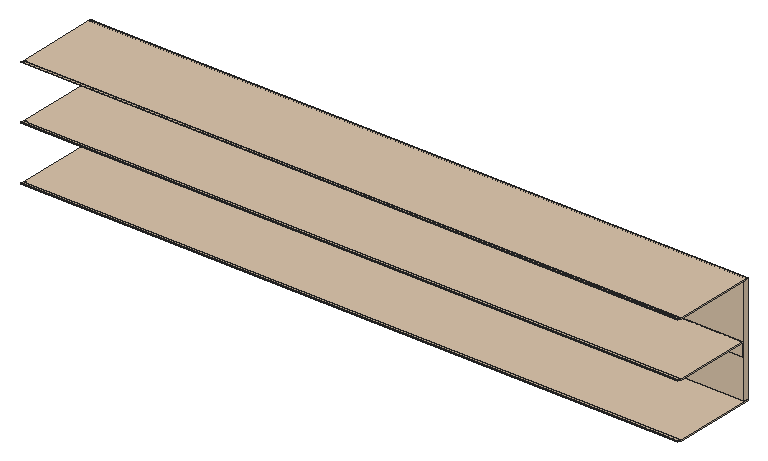
Revit family "Haworth_ActiveComponents_ShelfExternalMounted_NEW", category Furniture Systems, Revit 2015
Parameters (values of type "12h 72w")
  Width = 72"
  Warranty = "http://www.haworth.com/resources/product-info/warranties"
  URL - Product = "http://www.haworth.com/products/workspaces/accessories/active-components"
  URL = "http://www.haworth.com/"
  Type Comments = ""
  Top Height = 2"  # constant formula
  Sustainability Info = "https://www.haworth.com/company-info/sustainability"
  Size = "Verify Final Dim. w/ Haworth"  # constant formula
  Shelf Height = 1/2"  # constant formula
  Shelf Finish [instance] = Haworth _ Wood _ White Oak
  Revision Number = "2"  # constant formula
  Panel Thickness = 1/16"  # constant formula
  Model = "AZSE"  # constant formula
  Min/Max Widths = "30-72 in. @ 6 in. increments"  # constant formula
  Min. Width = 30"  # constant formula
  Max. Width = 72"  # constant formula
  Manufacturer = "Haworth"  # constant formula
  Drawer Height = 3"  # constant formula
  Description = "Haworth - Active Components Shelf - External Mounted"  # constant formula
  Author = "Haworth (Bentzen, Alias)"  # constant formula
  Assembly Code = "E2020200"
  Actual Width = if(Width < Min. Width, Min. Width, if(Width > Max. Width, Max. Width, Width))  # 72"
  Actual Mounting Height = 23"  # constant formula
  Actual Height = 12"  # constant formula
  Actual Depth = 9"  # constant formula
Types (8): name | Width | Actual Width
  12h 72w | 72" | 72"
  12h 66w | 66" | 66"
  12h 60w | 60" | 60"
  12h 54w | 54" | 54"
  12h 48w | 48" | 48"
  12h 42w | 42" | 42"
  12h 36w | 36" | 36"
  12h 30w | 30" | 30"
Reference planes (in)
  plane 1: z = 0
  plane 2 "Center (Left/Right)": x = -64.99791
  plane 3 "Back": y = -43.71591
  plane 4 "Left": x = -100.99791
  plane 5 "Right": x = -28.99791
  plane 6 "Bottom Shelf": z = 23
  plane 7 "Top Shelf": z = 35
  plane 8 "Front": y = -52.71591
  plane 9 "Center FB": y = -48.21591
Forms (in)
  Sweep 1, solid, material "Haworth _ Wood _ White Oak" <- "Shelf Finish"
    path origin (0, 0, 23) x (0, 1, 0) y (-1, 0, 0)
      loop
        line (-43.71591, 100.99791) -> (-43.71591, 28.99791)
    profile origin (-64.99791, -43.71591, 23) x (0, 1, 0) y (0, 0, 1)
      loop
        line (-8.48595, 0) -> (0.51196, 0)
        arc (0.51196, 0) -> (0.60035, 0.03661) -> (0.63696, 0.125) r 0.125
        line (0.63696, 0.125) -> (0.63696, 11.875)
        arc (0.63696, 11.875) -> (0.60035, 11.96339) -> (0.51196, 12) r 0.125
        line (0.51196, 12) -> (-8.47414, 12)
        arc (-8.47414, 12) -> (-8.49045, 12.00107) -> (-8.50649, 12.00426) r 0.125
        line (-8.50649, 12.00426) -> (-8.97863, 12.13077) -> (-8.99804, 12.05833) -> (-8.51636, 11.92926)
        arc (-8.51636, 11.92926) -> (-8.50033, 11.92607) -> (-8.48401, 11.925) r 0.125
        line (-8.48401, 11.925) -> (0.5215, 11.925)
        arc (0.5215, 11.925) -> (0.55011, 11.91315) -> (0.56196, 11.88454) r 0.04046
        line (0.56196, 11.88454) -> (0.56196, 0.11767)
        arc (0.56196, 0.11767) -> (0.54946, 0.0875) -> (0.51929, 0.075) r 0.04267
        line (0.51929, 0.075) -> (-8.47608, 0.075)
        arc (-8.47608, 0.075) -> (-8.4924, 0.07607) -> (-8.50843, 0.07926) r 0.125
        line (-8.50843, 0.07926) -> (-8.98059, 0.20577) -> (-9, 0.13333) -> (-8.51831, 0.00426)
        arc (-8.51831, 0.00426) -> (-8.50227, 0.00107) -> (-8.48595, 0) r 0.125
      loop
        line (-8.97863, 6.16777) -> (-8.99804, 6.09533) -> (-8.51636, 5.96626)
        arc (-8.51636, 5.96626) -> (-8.50033, 5.96307) -> (-8.48401, 5.962) r 0.125
        line (-8.48401, 5.962) -> (-0.11278, 5.962)
        arc (-0.11278, 5.962) -> (-0.08468, 5.95036) -> (-0.07304, 5.92226) r 0.03974
        line (-0.07304, 5.92226) -> (-0.07304, 4.537) -> (0.00196, 4.537) -> (0.00196, 5.91947)
        arc (0.00196, 5.91947) -> (-0.03246, 6.00258) -> (-0.11557, 6.037) r 0.11753
        line (-0.11557, 6.037) -> (-8.47414, 6.037)
        arc (-8.47414, 6.037) -> (-8.49045, 6.03807) -> (-8.50649, 6.04126) r 0.125
        line (-8.50649, 6.04126) -> (-8.97863, 6.16777)
  Extrusion 2, solid, material "Haworth _ Wood _ White Oak" <- "Shelf Finish"
    sketch origin (-64.99791, 0, 0) x (0, -1, 0) y (0, 0, 1)
      loop
        line (43.65395, 34.886) -> (43.15591, 34.886) -> (43.15591, 23.114) -> (43.65395, 23.114) -> (43.65395, 34.886)
    from -36 to 36
Lines and regions (in)
  Masking region 1
    outline origin (0, 0, 23) x (0, 1, 0) y (-1, 0, 0)
      loop
        line (-43.07895, 100.99791) -> (-52.71591, 100.99791) -> (-52.71591, 28.99791) -> (-43.07895, 28.99791) -> (-43.07895, 100.99791)
Dimensions and locks (in)
  equal spacing: plane 4 "Left", plane 2 "Center (Left/Right)", plane 5 "Right"
  "Actual Width": plane 4 "Left" to plane 5 "Right"
  equal spacing: plane 3 "Back", plane 9 "Center FB", plane 8 "Front"
  "Actual Depth": plane 8 "Front" to plane 3 "Back"
  "Actual Height": plane 7 "Top Shelf" to plane 6 "Bottom Shelf"
  "Actual Mounting Height": plane 6 "Bottom Shelf" to plane 1
  locked: Extrusion 2 sketch curve to plane 7 "Top Shelf" at 0.114
  locked: Extrusion 2 sketch curve to plane 6 "Bottom Shelf" at 0.114
  locked: plane 3 "Back" to Extrusion 2 sketch curve at 0.06196
  locked: plane 3 "Back" to Extrusion 2 sketch curve at 0.56
  locked: plane 3 "Back" to Masking region 1 sketch curve at 0.63696
  aligned and locked: level to plane 1
  aligned and locked: Sweep 1 sketch curve to plane 3 "Back"
  aligned and locked: plane 5 "Right" to Sweep 1 sketch curve
  aligned and locked: plane 4 "Left" to Sweep 1 sketch curve
  aligned and locked: Extrusion 2 to plane 4 "Left"
  aligned and locked: plane 5 "Right" to Extrusion 2
  aligned and locked: Masking region 1 sketch curve to plane 5 "Right"
  aligned and locked: Masking region 1 sketch curve to plane 8 "Front"
  aligned and locked: plane 4 "Left" to Masking region 1 sketch curve
Automatic sketch dimensions
  Sweep 1 sketch curve to plane 6 "Bottom Shelf" = 0"
  plane 6 "Bottom Shelf" to Sweep 1 sketch curve = 0.13333"
  profile plane to Sweep 1 sketch curve = 9"
  profile plane to Sweep 1 sketch curve = 8.99804"
  Sweep 1 sketch curve to Sweep 1 sketch curve = 0.00196"
  plane 6 "Bottom Shelf" to Sweep 1 sketch curve = 0.20577"
  Sweep 1 sketch curve to Sweep 1 sketch curve = 0.01941"  (x3)
  plane 6 "Bottom Shelf" to Sweep 1 sketch curve = 6.16777"
  plane 6 "Bottom Shelf" to Sweep 1 sketch curve = 0.00426"
  Sweep 1 sketch curve to Sweep 1 sketch curve = 0.48168"  (x2)
  plane 6 "Bottom Shelf" to Sweep 1 sketch curve = 0.07926"
  Sweep 1 sketch curve to Sweep 1 sketch curve = 0.00988"  (x2)
  Sweep 1 sketch curve to Sweep 1 sketch curve = 0.02248"
  Sweep 1 sketch curve to Sweep 1 sketch curve = 0.03235"  (x4)
  Sweep 1 sketch curve to Sweep 1 sketch curve = 0.00987"
  profile plane to Sweep 1 sketch curve = 0.11557"
  Sweep 1 sketch curve to Sweep 1 sketch curve = 0.00279"  (x2)
  profile plane to Sweep 1 sketch curve = 0.07304"
  Sweep 1 sketch curve to profile plane = 0.00196"
  Sweep 1 sketch curve to profile plane = 0.51196"  (x2)
  plane 6 "Bottom Shelf" to Sweep 1 sketch curve = 1/8"
  Sweep 1 sketch curve to Sweep 1 sketch curve = 0.00733"
  Sweep 1 sketch curve to Sweep 1 sketch curve = 0.00954"  (x2)
  Sweep 1 sketch curve to Sweep 1 sketch curve = 0.04046"
  Sweep 1 sketch curve to Sweep 1 sketch curve = 0.05"
  Sweep 1 sketch curve to Sweep 1 sketch curve = 4.412"
  Sweep 1 sketch curve to Sweep 1 sketch curve = 1.38247"
  Sweep 1 sketch curve to Sweep 1 sketch curve = 0.00426"  (x3)
  Sweep 1 sketch curve to Sweep 1 sketch curve = 5.838"
